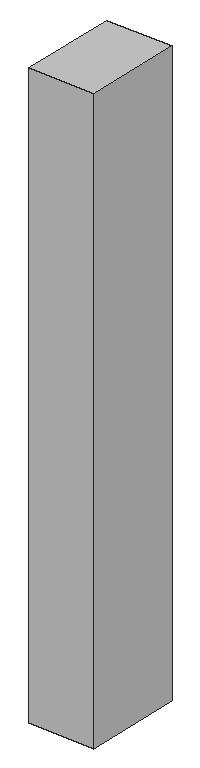
Revit family "Concrete-Rectangular-Column", category Structural Columns, Revit 2019
Family settings
  Display in Hidden Views = Edges Hidden by Other Members
  Section Shape = Not Defined
  Material for Model Behavior = Concrete
  Always export as geometry = No
  Beam cutback in plan = From bounding box
  OmniClass Number = 23.25.30.11.14.11
  OmniClass Title = Columns
  Cut with Voids When Loaded = No
  Symbolic Representation = From Family
  Shared = No
  Show family pre-cut in plan views = Yes
Parameters (values of type "12 x 18")
  Structural Material [instance] = Concrete, Cast-in-Place gray
  Assembly Code = "B10"
  b = 1' - 0"
  h = 1' - 6"
Types (3): name | b | h
  12 x 18 | 1' - 0" | 1' - 6"
  18 x 24 | 1' - 6" | 2' - 0"
  24 x 30 | 2' - 0" | 2' - 6"
Reference planes (in)
  plane 1 "Center (Front/Back)": y = 0
  plane 2: z = 0
  plane 3 "Center (Left/Right)": x = 0
  plane 4: x = -6
  plane 5: x = 6
  plane 6: y = 9
  plane 7: y = -9
Forms (in)
  Extrusion 1, solid, material "Concrete, Cast-in-Place gray" <- "Structural Material"
    sketch origin (0, 0, 0) x (1, 0, 0) y (0, 1, 0)
      loop
        line (-6, 9) -> (-6, -9) -> (6, -9) -> (6, 9) -> (-6, 9)
    from 0 to 108
Dimensions and locks (in)
  equal spacing: plane 4, plane 3 "Center (Left/Right)", plane 5
  equal spacing: plane 7, plane 1 "Center (Front/Back)", plane 6
  "h": plane 7 to plane 6
  "b": plane 4 to plane 5
  aligned and locked: plane 6 to Extrusion 1 sketch curve
  aligned and locked: Extrusion 1 sketch curve to plane 7
  aligned and locked: Extrusion 1 sketch curve to plane 4
  aligned and locked: plane 5 to Extrusion 1 sketch curve
  aligned and locked: level to Extrusion 1
  aligned and locked: level to plane 2
  aligned and locked: Extrusion 1 to plane 2
